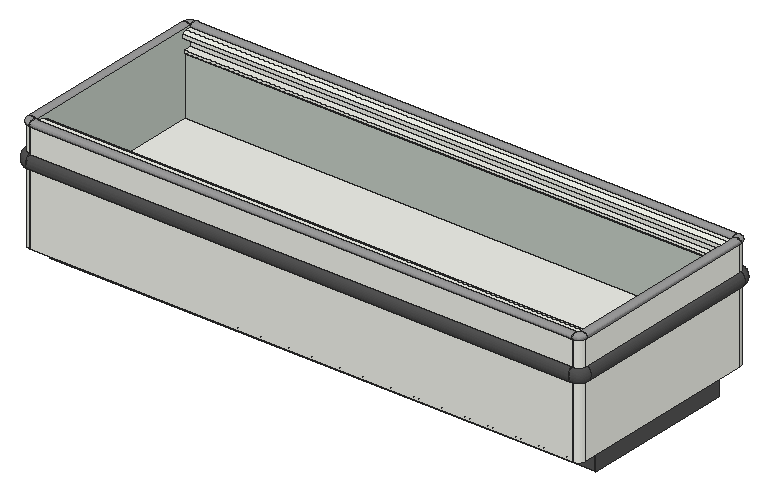
Revit family "FI_2014", category Specialty Equipment, Revit 2014
Parameters (values of type "12'-0" Length")
  Width = 144 1/2"
  Waste Drain = 1 1/4"  # constant formula
  URL = "www.hussmann.com"
  Type Comments = "Excel"  # constant formula
  Trim = Stainless Steel
  Total Weight = Case Weight + (2 * End Weight)  # 1300.00 lbf
  Splashguard = Textured Sheet Metal (Steel Painted) - 701 Black
  Side Panel - Right [instance] = yes
  Side Panel - Left [instance] = yes
  Shelves = Sheet Metal (Steel Painted) - 700 Interior White
  Revit Family Date = "08/30/2016"  # constant formula
  Refrigeration Lines Suction = 5/8"  # constant formula
  Refrigeration Lines Liquid = 3/8"  # constant formula
  Refrig. Suction = "Suction"
  Refrig. Liquid = "Liquid"
  Number of Supports = if(Width < 50", 2, if(Width < 100", 3, 4))  # 4
  Note from Manufacturer = "This model only comes in 8'-0\" and 12'-0\" lengths."
  Model URL = "http://www.hussmann.com/en/product%20viewer/display-cases/FI,%20FIG"
  Model = "FI"  # constant formula
  Manufacturer Disclaimer = "The information in this file is not intended to be an exact representation of the corresponding Hussmann product.  Further, we reserve the right to change or revise specifications and product design in connection with any feature of our products. Such changes do not entitle the buyer to corresponding changes, improvements, additions, or replacements for equipment previously sold or shipped."  # constant formula
  Manufacturer = "Hussmann Corporation"  # constant formula
  Height = 35 7/8"  # constant formula
  Glazing = Glass
  Ends = Textured Sheet Metal (Steel Painted) - 149 White Satin Matte
  End Weight = 50.00 lbf  # constant formula
  Description = "Intermediate Island for Frozen Food"  # constant formula
  Depth = 58"  # constant formula
  Cutsheet URL = "http://www.hussmann.com/en/Technical%20Documents/0465896_G_FI_EN.pdf"
  Close Off Panel = Textured Sheet Metal (Steel Painted) - 701 Black
  Case Weight = if(Width = 96 3/8", 1000.00 lbf, if(Width = 144 1/2", 1200.00 lbf, 0.00 lbf))  # 1200.00 lbf
  Case Interior - Side Panel = Mirror
  Case Interior - Back Panel = Mirror
  Case = Textured Sheet Metal (Steel Painted) - 149 White Satin Matte
  Bumper = Extruded PVC - 701 Black
  Assembly Code = ""
  Accessories/Options = ""
Types (3): name | Width | Trim | Total Weight | Number of Supports | Case Weight | Case Interior - Side Panel | Case Interior - Back Panel
  (no name) | 144 1/2" | Stainless Steel | 1300.00 lbf | 4 | 1200.00 lbf | Mirror | Mirror
  12'-0" Length | 144 1/2" | Stainless Steel | 1300.00 lbf | 4 | 1200.00 lbf | Mirror | Mirror
  8'-0" Length | 96 3/8" | Plastic - 144 Mist Gray | 1100.00 lbf | 3 | 1000.00 lbf | Sheet Metal (Steel Painted) - 700 Interior White | Sheet Metal (Steel Painted) - 700 Interior White
Reference planes (in)
  plane 1 "Back": y = 0
  plane 2 "Bottom": z = 0
  plane 3 "Left": x = -77.30699
  plane 4 "Center (Left/Right)": x = -5.05699
  plane 5 "Right": x = 67.19301
  plane 6: y = -58
  plane 7: z = 35.875
Forms (in)
  Extrusion 1, solid, material "Metal - Copper"
    sketch origin (63.0625, 1.04319, 0) x (1, 0, 0) y (0, 1, 0)
      loop
        arc (-7.99449, -48.04319) -> (-8.43643, -48.22625) -> (-8.61949, -48.66819) r 0.625
        arc (-8.61949, -48.66819) -> (-8.43643, -49.11013) -> (-7.99449, -49.29319) r 0.625
        arc (-7.99449, -49.29319) -> (-7.55254, -49.11013) -> (-7.36949, -48.66819) r 0.625
        arc (-7.36949, -48.66819) -> (-7.55254, -48.22625) -> (-7.99449, -48.04319) r 0.625
      loop
        circle (-7.99449, -48.66819) r 0.5852
    from 6.42413 to 3.51473
  Extrusion 2, solid, material "Metal - Copper"
    sketch origin (57.40105, 5, -0.375) x (1, 0, 0) y (0, 1, 0)
      loop
        circle (1.47946, -47.125) r 0.28859
      loop
        circle (1.47946, -47.125) r 0.3125
    from 4.26162 to 0.375
  Extrusion 3, solid, material "Metal - Copper"
    sketch origin (59.82608, 5, -0.375) x (1, 0, 0) y (0, 1, 0)
      loop
        circle (-0.44557, -47.125) r 0.17188
      loop
        circle (-0.44557, -47.125) r 0.1875
    from 4.26162 to 0.375
  Extrusion 4, solid, material "Metal - Copper"
    sketch origin (-56.6875, 1.04319, 0) x (1, 0, 0) y (0, 1, 0)
      loop
        arc (-8.49449, -48.04319) -> (-8.93643, -48.22625) -> (-9.11949, -48.66819) r 0.625
        arc (-9.11949, -48.66819) -> (-8.93643, -49.11013) -> (-8.49449, -49.29319) r 0.625
        arc (-8.49449, -49.29319) -> (-8.05254, -49.11013) -> (-7.86949, -48.66819) r 0.625
        arc (-7.86949, -48.66819) -> (-8.05254, -48.22625) -> (-8.49449, -48.04319) r 0.625
      loop
        circle (-8.49449, -48.66819) r 0.5852
    from 6.42413 to 3.51473
  Extrusion 5, solid, material "Textured Sheet Metal (Steel Painted) - 149 White Satin Matte" <- "Case"
    sketch origin (-77.30699, -15.90634, 0) x (0, 1, 0) y (0, 0, 1)
      loop
        line (-40.67411, 35.08682) -> (-40.67411, 5.5) -> (-39.74516, 5.5) -> (-40.09213, 5.70042)
        arc (-40.09213, 5.70042) -> (-40.20653, 5.84503) -> (-40.19067, 6.02874) r 0.25
        line (-40.19067, 6.02874) -> (-39.05738, 8.29442) -> (-33.75971, 5.5) -> (7.57677, 5.5) -> (13.86243, 8.87007) -> (13.86243, 5.5) -> (14.61243, 5.5) -> (14.61243, 35.11659) -> (11.05504, 35.11659) -> (9.87548, 34.5364) -> (9.87548, 33.52576) -> (12.45927, 33.52576) -> (12.45927, 30.56877) -> (10.51215, 30.56877) -> (10.51215, 29.82853) -> (10.85959, 29.45487) -> (10.85959, 13.61303) -> (-37.02455, 13.61303) -> (-37.02455, 29.446) -> (-36.56889, 29.8883) -> (-36.56889, 30.51434) -> (-38.59552, 30.51434) -> (-38.59552, 33.73099) -> (-35.79472, 33.73099) -> (-35.79472, 34.47054) -> (-36.95732, 35.08682) -> (-40.67411, 35.08682)
    from 0 to 144.5 <- "Width"
  Extrusion 6, solid, material "Extruded PVC - 701 Black" <- "Bumper"
    sketch origin (-77.30699, -15.90634, -0.02633) x (0, 1, 0) y (0, 0, 1)
      loop
        line (-40.67411, 24.74474) -> (-40.67411, 28.04607)
        spline (-40.67411, 28.04607) -> (-41.01835, 28.08532) -> (-41.35515, 27.9739) -> (-41.65449, 27.72174) -> (-41.88967, 27.35131) -> (-42.03973, 26.89566) -> (-42.09128, 26.3954) -> (-42.03973, 25.89514) -> (-41.88967, 25.43949) -> (-41.65449, 25.06907) -> (-41.35515, 24.8169) -> (-41.01835, 24.70548) -> (-40.67411, 24.74474)
      loop
        spline (14.61243, 24.71903) -> (14.93699, 24.7293) -> (15.24681, 24.87135) -> (15.51748, 25.13399) -> (15.72765, 25.49652) -> (15.86077, 25.93036) -> (15.90634, 26.40133) -> (15.86077, 26.8723) -> (15.72765, 27.30614) -> (15.51748, 27.66868) -> (15.24681, 27.93132) -> (14.93699, 28.07337) -> (14.61243, 28.08363)
        line (14.61243, 28.08363) -> (14.61243, 24.71903)
    from 0 to 144.5 <- "Width"
  Extrusion 7, solid, material "Stainless Steel" <- "Trim"
    sketch origin (-77.30699, -15.90634, -0.0724) x (0, 1, 0) y (0, 0, 1)
      loop
        spline (-38.68253, 35.15922) -> (-38.71885, 35.40067) -> (-38.87603, 35.62151) -> (-39.13704, 35.79782) -> (-39.47359, 35.9105) -> (-39.84924, 35.94734) -> (-40.22328, 35.90435) -> (-40.55519, 35.7862) -> (-40.80902, 35.60567) -> (-40.95727, 35.38232) -> (-40.98387, 35.14036) -> (-40.88595, 34.906) -> (-40.67411, 34.70462)
        line (-40.67411, 34.70462) -> (-40.67411, 35.15922) -> (-38.68253, 35.15922)
    from 0 to 144.5 <- "Width"
  Extrusion 8, solid, material "Textured Sheet Metal (Steel Painted) - 701 Black" <- "Splashguard"
    sketch origin (-77.30699, 0, 0) x (0, 1, 0) y (0, 0, 1)
      loop
        line (-49.375, 5.12951) -> (-49.375, 0) -> (-48.8724, 0) -> (-48.8724, 5.45339) -> (-49.1424, 5.45339) -> (-49.375, 5.12951)
      loop
        line (-9.19505, 0) -> (-8.66494, 0) -> (-8.66494, 5.22825) -> (-8.9096, 5.5) -> (-9.19505, 5.5) -> (-9.19505, 0)
    from 0 to 144.5 <- "Width"
  Extrusion 9, solid, material "Sheet Metal (Steel Painted) - 700 Interior White" <- "Shelves"
    sketch origin (-77.30699, 0, 0) x (0, 1, 0) y (0, 0, 1)
      loop
        line (-52.44784, 13.61303) -> (-5.55264, 13.61303) -> (-5.55264, 14.20487) -> (-52.44784, 14.20487) -> (-52.44784, 13.61303)
    from 0 to 144.5 <- "Width"
  Extrusion 10, solid, material "Stainless Steel" <- "Trim"
    sketch origin (-77.30699, 0, 0) x (0, 1, 0) y (0, 0, 1)
      loop
        spline (-1.29391, 34.73417) -> (-1.1461, 34.94328) -> (-1.10621, 35.17127) -> (-1.17809, 35.39604) -> (-1.3548, 35.59581) -> (-1.61919, 35.75122) -> (-1.94566, 35.84722) -> (-2.30256, 35.87449) -> (-2.65531, 35.8304) -> (-2.96972, 35.71922) -> (-3.21534, 35.55173) -> (-3.36834, 35.34414) -> (-3.41392, 35.11659)
        line (-3.41392, 35.11659) -> (-1.29391, 35.11659) -> (-1.29391, 34.73417)
    from 0 to 144.5 <- "Width"
Lines and regions (in)
  reference lines
    curve 1: line (-74.80699, -42, 0) -> (-74.80699, 0, 0)
    curve 2: line (-65.18199, -42, 0) -> (-65.18199, 0, 0)
    curve 3: line (55.06801, -42, 0) -> (55.06801, 0, 0)
    curve 4: line (64.69301, -42, 0) -> (64.69301, 0, 0)
    curve 5: line (59.19301, -42, 0) -> (59.19301, 0, 0)
    curve 6: line (-77.30699, -47.625, 0) -> (67.19301, -47.625, 0)
    curve 7: line (67.19301, -42.125, 0) -> (-77.30699, -42.125, 0)
Dimensions and locks (in)
  equal spacing: plane 3 "Left", plane 4 "Center (Left/Right)", plane 5 "Right"
  "Width": plane 3 "Left" to plane 5 "Right"
  locked: plane 3 "Left" to curve 1 at 2.5
  locked: plane 3 "Left" to curve 2 at 12.125
  locked: curve 4 to plane 5 "Right" at 2.5
  locked: curve 3 to plane 5 "Right" at 12.125
  locked: curve 5 to plane 5 "Right" at 8
  locked: plane 1 "Back" to curve 6 at 47.625
  locked: plane 1 "Back" to curve 7 at 42.125
  locked: Extrusion 4 sketch curve to Extrusion 4 sketch curve at 0.0398
  locked: Extrusion 1 sketch curve to Extrusion 1 sketch curve at 0.0398
  locked: Extrusion 3 sketch curve to Extrusion 3 sketch curve at 0.01562
  locked: Extrusion 2 sketch curve to Extrusion 2 sketch curve at 0.02391
  equal spacing: group 1, group 3, group 4, group 2  (x3)
  "Depth": plane 6 to plane 1 "Back"
  "Height": plane 7 to plane 2 "Bottom"
  "Waste Drain": diameter of Extrusion 4 sketch curve
  "Waste Drain": diameter of Extrusion 1 sketch curve
  "Refrigeration Lines Liquid": diameter of Extrusion 3 sketch curve
  "Refrigeration Lines Suction": diameter of Extrusion 2 sketch curve
  aligned and locked: plane 3 "Left" to curve 6
  aligned and locked: plane 3 "Left" to curve 7
  aligned and locked: plane 5 "Right" to curve 7
  aligned and locked: plane 5 "Right" to curve 6
  aligned and locked: Extrusion 2 to level
  aligned and locked: Extrusion 3 to level
  aligned and locked: curve 7 to Extrusion 3 sketch curve  (x4)
  aligned and locked: curve 7 to Extrusion 2 sketch curve  (x4)
  aligned and locked: curve 6 to Extrusion 1 sketch curve  (x3)
  aligned and locked: curve 6 to Extrusion 4 sketch curve
  aligned and locked: Extrusion 4 sketch curve to curve 2
  aligned and locked: Extrusion 1 sketch curve to curve 3
  aligned and locked: Extrusion 3 sketch curve to curve 5
  aligned and locked: Extrusion 2 sketch curve to curve 5
  aligned and locked: nested 1 to curve 1
  aligned and locked: nested 2 to curve 4
  aligned and locked: nested 4 to plane 5 "Right"
  aligned and locked: plane 1 "Back" to nested 5
  aligned and locked: nested 5 to plane 3 "Left"
Automatic sketch dimensions
  plane 1 "Back" to curve 3 = 0"
  plane 1 "Back" to curve 2 = 0"
  plane 1 "Back" to curve 1 = 0"
  plane 1 "Back" to curve 4 = 0"
  plane 1 "Back" to curve 5 = 0"
  Extrusion 6 sketch curve to Extrusion 6 sketch curve = 0.26084"
  Extrusion 6 sketch curve to Extrusion 6 sketch curve = 1.65067"
  Extrusion 6 sketch curve to Extrusion 6 sketch curve = 0.04367"
  Extrusion 8 sketch curve to level = 0"  (x2)
  Extrusion 8 sketch curve to Extrusion 8 sketch curve = 0.2326"
  Extrusion 8 sketch curve to Extrusion 8 sketch curve = 0.27001"
  Extrusion 8 sketch curve to Extrusion 8 sketch curve = 5.12951"
  Extrusion 8 sketch curve to Extrusion 8 sketch curve = 0.32388"
  curve 7 to curve 3 = 1/8"
  curve 7 to curve 2 = 1/8"
  curve 7 to curve 4 = 1/8"
  curve 7 to curve 1 = 1/8"
  curve 3 to curve 5 = 0"
  plane 1 "Back" to Extrusion 6 sketch curve = 56.58045"
  plane 1 "Back" to Extrusion 7 sketch curve = 56.58045"
  level to Extrusion 6 sketch curve = 24.71841"
  level to Extrusion 7 sketch curve = 34.63222"
  Extrusion 7 sketch curve to Extrusion 7 sketch curve = 0.0028"
  Extrusion 7 sketch curve to Extrusion 7 sketch curve = 1.99158"
  Extrusion 7 sketch curve to Extrusion 7 sketch curve = 0.4546"
  Extrusion 7 sketch curve to Extrusion 7 sketch curve = 0.83969"
  Extrusion 5 sketch curve to plane 6 = 1.41955"
  Extrusion 5 sketch curve to Extrusion 5 sketch curve = 0.48344"
  Extrusion 5 sketch curve to Extrusion 5 sketch curve = 0.09854"
  Extrusion 5 sketch curve to Extrusion 5 sketch curve = 0.12505"
  Extrusion 5 sketch curve to Extrusion 5 sketch curve = 0.34697"
  Extrusion 5 sketch curve to Extrusion 5 sketch curve = 1.13329"
  Extrusion 5 sketch curve to Extrusion 5 sketch curve = 2.07858"
  Extrusion 5 sketch curve to plane 6 = 5.06911"
  Extrusion 5 sketch curve to plane 7 = 0.78818"
  Extrusion 5 sketch curve to Extrusion 5 sketch curve = 1.6382"
  Extrusion 5 sketch curve to Extrusion 5 sketch curve = 0.45566"
  Extrusion 5 sketch curve to plane 7 = 1.40446"
  Extrusion 5 sketch curve to Extrusion 5 sketch curve = 1.1626"
  Extrusion 5 sketch curve to Extrusion 5 sketch curve = 5.98546"
  plane 1 "Back" to Extrusion 5 sketch curve = 8.32957"
  Extrusion 5 sketch curve to plane 7 = 2.34924"
  plane 1 "Back" to Extrusion 5 sketch curve = 6.03086"
  Extrusion 5 sketch curve to Extrusion 5 sketch curve = 0.63667"
  plane 1 "Back" to Extrusion 5 sketch curve = 5.04675"
  Extrusion 5 sketch curve to plane 7 = 0.75841"
  Extrusion 5 sketch curve to Extrusion 5 sketch curve = 1.17956"
  Extrusion 5 sketch curve to Extrusion 5 sketch curve = 1.40423"
  plane 1 "Back" to Extrusion 5 sketch curve = 1.29391"
  Extrusion 5 sketch curve to Extrusion 5 sketch curve = 2.95699"
  Extrusion 5 sketch curve to Extrusion 5 sketch curve = 3.9562"
  Extrusion 5 sketch curve to Extrusion 5 sketch curve = 0.62604"
  Extrusion 5 sketch curve to Extrusion 5 sketch curve = 0.74024"
  Extrusion 5 sketch curve to Extrusion 5 sketch curve = 0.37366"
  Extrusion 5 sketch curve to Extrusion 5 sketch curve = 0.4423"
  level to Extrusion 5 sketch curve = 13.61303"
  Extrusion 5 sketch curve to Extrusion 5 sketch curve = 5.31862"
  Extrusion 5 sketch curve to Extrusion 5 sketch curve = 2.26568"
  Extrusion 5 sketch curve to Extrusion 5 sketch curve = 0.11184"
  Extrusion 5 sketch curve to Extrusion 5 sketch curve = 0.20042"
  level to Extrusion 5 sketch curve = 5 1/2"
  Extrusion 5 sketch curve to Extrusion 5 sketch curve = 0.73954"
  Extrusion 5 sketch curve to Extrusion 5 sketch curve = 1.01065"
  Extrusion 5 sketch curve to Extrusion 5 sketch curve = 8.11303"
  Extrusion 5 sketch curve to Extrusion 5 sketch curve = 3.37007"
  Extrusion 5 sketch curve to Extrusion 5 sketch curve = 3/4"
  Extrusion 8 sketch curve to plane 6 = 8 5/8"
  level to Extrusion 8 sketch curve = 5 1/2"
  Extrusion 8 sketch curve to Extrusion 8 sketch curve = 0.28545"
  Extrusion 8 sketch curve to Extrusion 8 sketch curve = 0.24467"
  Extrusion 8 sketch curve to Extrusion 8 sketch curve = 0.27175"
  plane 1 "Back" to Extrusion 8 sketch curve = 9.19505"
  Extrusion 9 sketch curve to plane 6 = 5.55216"
  plane 1 "Back" to Extrusion 9 sketch curve = 5.55264"
  level to Extrusion 9 sketch curve = 14.20487"
  Extrusion 9 sketch curve to Extrusion 9 sketch curve = 0.59184"
  plane 1 "Back" to Extrusion 6 sketch curve = 1.29391"
  plane 1 "Back" to Extrusion 6 sketch curve = 1.15634"
  Extrusion 6 sketch curve to Extrusion 6 sketch curve = 1.6823"
  Extrusion 6 sketch curve to Extrusion 6 sketch curve = 0.01203"
  Extrusion 6 sketch curve to plane 7 = 7.8177"
  Extrusion 10 sketch curve to plane 7 = 0.75841"
  Extrusion 10 sketch curve to Extrusion 10 sketch curve = 0.96581"
  Extrusion 10 sketch curve to Extrusion 10 sketch curve = 0.18888"
  Extrusion 10 sketch curve to plane 7 = 1.14083"
  Extrusion 10 sketch curve to Extrusion 10 sketch curve = 0.02148"
  plane 1 "Back" to Extrusion 10 sketch curve = 1.29391"
  Extrusion 1 sketch curve to Extrusion 1 sketch curve = 0"  (x2)
  Extrusion 2 sketch curve to Extrusion 2 sketch curve = 0"
  Extrusion 3 sketch curve to Extrusion 3 sketch curve = 0"
  Extrusion 4 sketch curve to Extrusion 4 sketch curve = 0"  (x3)
Nested families (in)
  nested 1: "Floor Support-Low Profile" at (-74.6875, -11.75, 0), type "Floor Support-Low Profile"
    with Depth 34 1/2"
  nested 2: "Floor Support-Low Profile" at (64.8125, -11.75, 0), type "Floor Support-Low Profile"
    with Depth 34 1/2"
  nested 3: "Floor Support-Low Profile" at (-28.1875, -11.75, 0), type "Floor Support-Low Profile"
    with Depth 34 1/2"
  nested 4: "FI-End Panel" at (67.19301, -58, 0) x (-1, 0, 0) z (0, 0, 1), visible <- "Side Panel - Right", type "FI-End Panel"
  nested 5: "FI-End Panel" at (-77.30699, 0, 0), visible <- "Side Panel - Left", type "FI-End Panel"
  nested 6: "Floor Support-Low Profile" at (18.3125, -11.75, 0), type "Floor Support-Low Profile"
    with Depth 34 1/2"
Connectors (in)
  piping at (55.06801, -47.625, 3.51473), diameter 1.25, driven by "Waste Drain"
    settings: on Extrusion 1, index 8, connector inside diameter 1 1/4", connector length 0", flow factor 0, pipe flow 0 GPM, pressure drop 0.00 psi, fitting loss kfactor 0, connector angle 0.00°, fixture units 0, engagement length 0", angle of deflection 0.00°, flow configuration 0, flow direction 0, fitting loss method 0, system type 16, joint type 0, gender type 0, connector reference index -1, connector utility 0, adjustable connector no, is connector primary yes, connector description "1 1/4\""
  piping at (58.88051, -42.125, 0), diameter 0.625, driven by "Refrig. Suction", driven by "Refrigeration Lines Suction"
    settings: on Extrusion 2, index 9, connector inside diameter 7/8", connector length 0", flow factor 0, pipe flow 0 GPM, pressure drop 0.00 psi, fitting loss kfactor 0, connector angle 0.00°, fixture units 0, engagement length 0", angle of deflection 0.00°, flow configuration 0, flow direction 2, fitting loss method 0, system type 22, joint type 0, gender type 0, connector reference index -1, connector utility 0, adjustable connector no, is connector primary no, connector description "Suction"
  piping at (59.38051, -42.125, 0), diameter 0.375, driven by "Refrig. Liquid", driven by "Refrigeration Lines Liquid"
    settings: on Extrusion 3, index 10, connector inside diameter 3/8", connector length 0", flow factor 0, pipe flow 0 GPM, pressure drop 0.00 psi, fitting loss kfactor 0, connector angle 0.00°, fixture units 0, engagement length 0", angle of deflection 0.00°, flow configuration 0, flow direction 1, fitting loss method 0, system type 22, joint type 0, gender type 0, connector reference index -1, connector utility 0, adjustable connector no, is connector primary no, connector description "Liquid"
  piping at (-65.18199, -47.625, 3.51473), diameter 1.25, driven by "Waste Drain"
    settings: on Extrusion 4, index 11, connector inside diameter 1 1/4", connector length 0", flow factor 0, pipe flow 0 GPM, pressure drop 0.00 psi, fitting loss kfactor 0, connector angle 0.00°, fixture units 0, engagement length 0", angle of deflection 0.00°, flow configuration 0, flow direction 0, fitting loss method 0, system type 16, joint type 0, gender type 0, connector reference index -1, connector utility 0, adjustable connector no, is connector primary no, connector description ""
Definition of nested family "Floor Support-Low Profile"
  Parameters (values of type "Floor Support-Low Profile")
    Width = 4 1/4"
    URL = "www.hussmann.com"
    Type Comments = ""
    Revit Family Date = "06/25/2015"
    Model = ""
    Manufacturer = "Hussmann Corporation"
    Height = 2.18201"
    Floor Support = none
    Description = ""
    Depth = 26.227"
    Assembly Code = ""
    Accessories/Options = ""
  Reference planes (in)
    plane 1 "Back": y = 0
    plane 2 "Bottom": z = 0
    plane 3 "Top": z = 2.18201
    plane 4 "Left": x = -2.24449
    plane 5 "Right": x = 2.00551
    plane 6 "Front": y = -26.227
    plane 7 "Center (Left/Right)": x = -0.11949
  Forms (in)
    Extrusion 1, solid, material <- "Floor Support"
      sketch origin (-0.11949, 0, 0) x (0, 1, 0) y (0, 0, 1)
        loop
          line (-0.49701, 1.25001) -> (-0.49701, 0.05701) -> (-2.88301, 0.05701) -> (-2.88301, 1.25001) -> (-3.57001, 1.25001) -> (-3.57001, 1.193) -> (-2.94002, 1.193) -> (-2.94002, 0) -> (-0.44, 0) -> (-0.44, 1.25001) -> (-0.49701, 1.25001)
      from 2.125 to -2.125
    Extrusion 2, solid, material <- "Floor Support"
      sketch origin (-0.11949, 0, 0) x (0, 1, 0) y (0, 0, 1)
        loop
          line (-26.227, 2.18201) -> (-26.227, 1.25001) -> (0, 1.25001) -> (0, 3.38976) -> (-2.27145, 2.18201) -> (-26.227, 2.18201)
      from 2.125 to -2.125
    Extrusion 3, solid, material <- "Floor Support"
      sketch origin (-0.11949, -26.227, 0) x (0, -1, 0) y (0, 0, -1)
        loop
          line (-0.49701, -1.25001) -> (-0.44, -1.25001) -> (-0.44, 0) -> (-2.94002, 0) -> (-2.94002, -1.193) -> (-3.57001, -1.193) -> (-3.57001, -1.25001) -> (-2.88301, -1.25001) -> (-2.88301, -0.05701) -> (-0.49701, -0.05701) -> (-0.49701, -1.25001)
      from 2.125 to -2.125
  Dimensions and locks (in)
    equal spacing: plane 4 "Left", plane 7 "Center (Left/Right)", plane 5 "Right"
    "Width": plane 4 "Left" to plane 5 "Right"
    "Depth": plane 6 "Front" to plane 1 "Back"
    "Height": plane 3 "Top" to level
    aligned and locked: Extrusion 1 to plane 4 "Left"
    aligned and locked: plane 5 "Right" to Extrusion 1
    aligned and locked: Extrusion 2 to plane 4 "Left"
    aligned and locked: plane 5 "Right" to Extrusion 2
    aligned and locked: Extrusion 3 to plane 4 "Left"
    aligned and locked: plane 5 "Right" to Extrusion 3
  Automatic sketch dimensions
    Extrusion 1 sketch curve to level = 0"
    level to Extrusion 1 sketch curve = 1.193"
    plane 1 "Back" to Extrusion 1 sketch curve = 3.57001"
    Extrusion 1 sketch curve to Extrusion 1 sketch curve = 0.62999"
    Extrusion 1 sketch curve to Extrusion 1 sketch curve = 0.05701"  (x3)
    plane 1 "Back" to Extrusion 1 sketch curve = 0.49701"
    level to Extrusion 1 sketch curve = 0.05701"
    Extrusion 1 sketch curve to Extrusion 1 sketch curve = 1.193"
    Extrusion 2 sketch curve to plane 6 "Front" = 0"
    Extrusion 2 sketch curve to plane 1 "Back" = 0"
    plane 1 "Back" to Extrusion 2 sketch curve = 2.27145"
    level to Extrusion 2 sketch curve = 1 1/4"
    Extrusion 2 sketch curve to Extrusion 2 sketch curve = 0.932"
    Extrusion 2 sketch curve to Extrusion 2 sketch curve = 2.13975"
    Extrusion 3 sketch curve to level = 0"
    Extrusion 3 sketch curve to level = 1.193"
    Extrusion 3 sketch curve to plane 6 "Front" = 3.57001"
    Extrusion 3 sketch curve to Extrusion 3 sketch curve = 0.62999"
    Extrusion 3 sketch curve to Extrusion 3 sketch curve = 0.05701"  (x2)
    Extrusion 3 sketch curve to plane 6 "Front" = 0.49701"
    Extrusion 3 sketch curve to plane 6 "Front" = 0.44"
    Extrusion 3 sketch curve to level = 0.05701"
    Extrusion 3 sketch curve to Extrusion 3 sketch curve = 1.193"
Definition of nested family "FI-End Panel"
  Parameters (values of type "FI-End Panel")
    Trim = Stainless Steel
    Splashguard = Textured Sheet Metal (Steel Painted) - 701 Black
    Depth = 42"
    Case Interior - Side Panel = Mirror
    Case = Textured Sheet Metal (Steel Painted) - 149 White Satin Matte
    Bumper = Extruded PVC - 701 Black
  Reference planes (in)
    plane 1 "Center (Front/Back)": y = 0
    plane 2: z = 0
    plane 3 "Center (Left/Right)": x = 0
    plane 4: y = -42
  Forms (in)
    Extrusion 1, solid, material "Textured Sheet Metal (Steel Painted) - 149 White Satin Matte" <- "Case"
      sketch origin (0, 0, 0) x (1, 0, 0) y (0, 1, 0)
        loop
          line (0, -56.58045) -> (0, -1.29391)
          arc (0, -1.29391) -> (-1.41421, -1.8797) -> (-2, -3.29391) r 2
          line (-2, -3.29391) -> (-2, -54.58045)
          arc (-2, -54.58045) -> (-1.41421, -55.99466) -> (0, -56.58045) r 2
      from 5.5 to 35.25
    Extrusion 2, solid, material "Textured Sheet Metal (Steel Painted) - 701 Black" <- "Splashguard"
      sketch origin (0, 0, 0) x (1, 0, 0) y (0, 1, 0)
        loop
          line (0, -8.66494) -> (-0.48296, -8.66494) -> (-0.48296, -49.375) -> (0, -49.375) -> (0, -8.66494)
      from 0 to 5.5
    Sweep 3, solid, material "Extruded PVC - 701 Black" <- "Bumper"
      path in 3D
        loop
          arc (0, -56.58045, 35.25) -> (-1.41421, -55.99466, 35.25) -> (-2, -54.58045, 35.25) r 2
          line (-2, -54.58045, 35.25) -> (-2, -3.29391, 35.25)
          arc (-2, -3.29391, 35.25) -> (-1.41421, -1.8797, 35.25) -> (0, -1.29391, 35.25) r 2
      profile origin (0, -56.58045, 35.25) x (0, -1, 0) y (0, 0, 1)
        loop
          line (0, -7.19898) -> (0, -10.55102)
          spline (0, -10.55102) -> (0.32996, -10.55295) -> (0.64685, -10.41826) -> (0.92489, -10.15791) -> (1.14142, -9.7931) -> (1.27882, -9.35353) -> (1.32589, -8.875) -> (1.27882, -8.39647) -> (1.14142, -7.9569) -> (0.92489, -7.59209) -> (0.64685, -7.33174) -> (0.32996, -7.19705) -> (0, -7.19898)
    Revolve 4, solid, material "Stainless Steel" <- "Trim"
      sketch origin (0, -38.58559, 35.13807) x (0, 0, -1) y (0, -1, 0)
        loop
          line (-0.11193, 17.99486) -> (0.50585, 17.99486)
          spline (0.50585, 17.99486) -> (0.31683, 18.19769) -> (0.0972, 18.29977) -> (-0.13183, 18.29123) -> (-0.34812, 18.1729) -> (-0.53076, 17.95622) -> (-0.66211, 17.66211) -> (-0.72948, 17.31902) -> (-0.72634, 16.96009) -> (-0.65301, 16.62002) -> (-0.51657, 16.33166) -> (-0.33021, 16.12289) -> (-0.11193, 16.01388)
          line (-0.11193, 16.01388) -> (-0.11193, 17.99486)
        axis (0.50585, 16.01388) -> (-0.11193, 16.01388)
      angle from 0 to -90
    Extrusion 5, solid, material "Stainless Steel" <- "Trim"
      sketch origin (0, -54.59947, 35.25) x (-1, 0, 0) y (0, 0, 1)
        loop
          spline (2.07512, -0.54538) -> (2.23467, -0.34886) -> (2.29559, -0.13096) -> (2.25237, 0.08865) -> (2.10893, 0.29017) -> (1.87819, 0.45542) -> (1.58098, 0.56948) -> (1.2441, 0.62207) -> (0.89794, 0.60845) -> (0.57374, 0.52983) -> (0.30073, 0.39333) -> (0.10356, 0.21124) -> (0, 0)
          line (0, 0) -> (2.07512, 0) -> (2.07512, -0.54538)
      from 0 to 51.19846
    Revolve 6, solid, material "Stainless Steel" <- "Trim"
      sketch origin (0, -1.29391, 35.11659) x (0, -1, 0) y (0, 0, 1)
        loop
          line (0, -0.38242) -> (0, 0.13341) -> (2.1071, 0.13341)
          spline (2.1071, 0.13341) -> (2.00559, 0.34196) -> (1.81277, 0.52236) -> (1.54557, 0.65878) -> (1.22746, 0.73924) -> (0.88638, 0.75666) -> (0.55227, 0.70953) -> (0.25447, 0.60197) -> (0.01914, 0.44343) -> (-0.13305, 0.24784) -> (-0.18875, 0.03238) -> (-0.14306, -0.18405) -> (0, -0.38242)
        axis (2.1071, -0.38242) -> (2.1071, 0.13341)
      angle from 0 to -90
  Lines and regions (in)
    sketch lines
      curve 1: arc (0, -56.58045, 35.25) -> (-1.41421, -55.99466, 35.25) -> (-2, -54.58045, 35.25) r 2
      curve 2: line (-2, -3.29391, 35.25) -> (-2, -54.58045, 35.25)
      curve 3: arc (-2, -3.29391, 35.25) -> (-1.41421, -1.8797, 35.25) -> (0, -1.29391, 35.25) r 2
  Dimensions and locks (in)
    aligned and locked: level to plane 2
